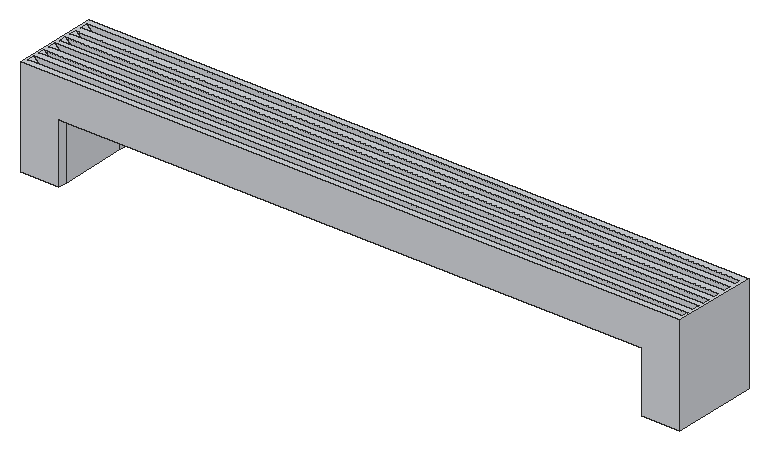
Revit family "SP07", category Mechanical Equipment, Revit 2017
Family settings
  Round Connector Dimension = Use Diameter
  Part Type = Normal
  OmniClass Number = 23.75.00.00
  OmniClass Title = Climate Control (HVAC)
  Work Plane-Based = No
  Always vertical = Yes
  Cut with Voids When Loaded = No
  Shared = No
  Room Calculation Point = No
Parameters
  Width = 155 mm
  Length = 1200 mm
  Leg height = 180 mm
  Height = 180 mm
Reference planes
  plane 1 "Center (Front/Back)": y = 0
  plane 2: z = 0
  plane 3 "Center (Left/Right)": x = 0
  plane 4: x = 0
  plane 5: x = -600
  plane 6: x = 600
  plane 7: x = -595
  plane 8: x = -580
  plane 9: x = 595
  plane 10: x = 580
  plane 11: x = 597
  plane 12: x = -597
  plane 13: z = 180
  plane 14: z = 165
  plane 15: z = 125
  plane 16: z = 110
  plane 17: y = -3
  plane 18: y = -155
  plane 19: y = -152
  plane 20: y = -137
  plane 21: y = -18
  plane 22: x = -530
  plane 23: x = 530
  plane 24: x = -533
  plane 25: x = 533
  plane 26 "Center": y = -77.5
Forms (mm)
  Extrusion 1, solid
    sketch origin (0, 0, 0) x (1, 0, 0) y (0, 0, 1)
      loop
        line (-600, 180) -> (-600, 110) -> (-595, 110) -> (-580, 125) -> (-580, 165) -> (-595, 180) -> (-600, 180)
      loop
        line (600, 180) -> (595, 180) -> (580, 165) -> (580, 125) -> (595, 110) -> (600, 110) -> (600, 180)
    from 0 to 155
  Extrusion 2, solid
    sketch origin (0, 0, 0) x (1, 0, 0) y (0, 1, 0)
      loop
        line (530, -18) -> (533, -18) -> (533, -3) -> (597, -3) -> (597, -152) -> (533, -152) -> (533, -137) -> (530, -137) -> (530, -155) -> (600, -155) -> (600, 0) -> (530, 0) -> (530, -18)
      loop
        line (-530, -18) -> (-530, 0) -> (-600, 0) -> (-600, -155) -> (-530, -155) -> (-530, -137) -> (-533, -137) -> (-533, -152) -> (-597, -152) -> (-597, -3) -> (-533, -3) -> (-533, -18) -> (-530, -18)
    from 0 to 110
  Extrusion 3, solid
    sketch origin (0, 0, 0) x (1, 0, 0) y (0, 1, 0)
      loop
        line (-595, 0) -> (-595, -11) -> (595, -11) -> (595, 0) -> (-595, 0)
    from 110 to 180
  Extrusion 4, solid
    sketch origin (0, -24, 0) x (1, 0, 0) y (0, 1, 0)
      loop
        line (-595, 0) -> (-595, -11) -> (595, -11) -> (595, 0) -> (-595, 0)
    from 110 to 180
  Extrusion 5, solid
    sketch origin (0, -48, 0) x (1, 0, 0) y (0, 1, 0)
      loop
        line (-595, 0) -> (-595, -11) -> (595, -11) -> (595, 0) -> (-595, 0)
    from 110 to 180
  Extrusion 6, solid
    sketch origin (0, -72, 0) x (1, 0, 0) y (0, 1, 0)
      loop
        line (-595, 0) -> (-595, -11) -> (595, -11) -> (595, 0) -> (-595, 0)
    from 110 to 180
  Extrusion 7, solid
    sketch origin (0, -96, 0) x (1, 0, 0) y (0, 1, 0)
      loop
        line (-595, 0) -> (-595, -11) -> (595, -11) -> (595, 0) -> (-595, 0)
    from 110 to 180
  Extrusion 8, solid
    sketch origin (0, -120, 0) x (1, 0, 0) y (0, 1, 0)
      loop
        line (-595, 0) -> (-595, -11) -> (595, -11) -> (595, 0) -> (-595, 0)
    from 110 to 180
  Extrusion 9, solid
    sketch origin (0, -144, 0) x (1, 0, 0) y (0, 1, 0)
      loop
        line (-595, 0) -> (-595, -11) -> (595, -11) -> (595, 0) -> (-595, 0)
    from 110 to 180
  Extrusion 10, solid
    sketch origin (0, 0, 0) x (1, 0, 0) y (0, 1, 0)
      loop
        circle (-553, -53.5) r 10.5
      loop
        circle (-553, -101.5) r 10.5
      loop
        circle (553, -53.5) r 10.5
      loop
        circle (553, -101.5) r 10.5
    from 95 to 110
  Extrusion 11, solid
    sketch origin (0, 0, 0) x (1, 0, 0) y (0, 1, 0)
      loop
        line (-533, -18) -> (-533, -137) -> (-530, -137) -> (-530, -18) -> (-533, -18)
      loop
        line (533, -18) -> (530, -18) -> (530, -137) -> (533, -137) -> (533, -18)
    from 0 to 110
Cuts and joins
  joined: Extrusion 1, Extrusion 2, Extrusion 3, Extrusion 4, Extrusion 5, Extrusion 6, Extrusion 7, Extrusion 8, Extrusion 9
Dimensions and locks
  equal spacing: plane 5, plane 4, plane 6
  "Length": plane 5 to plane 6
  locked: plane 7 to plane 8 at 15
  locked: plane 5 to plane 7 at 5
  locked: plane 9 to plane 10 at 15
  locked: plane 6 to plane 9 at 5
  locked: plane 11 to plane 6 at 3
  locked: plane 5 to plane 12 at 3
  "Height": plane 13 to level
  locked: plane 13 to plane 14 at 15
  locked: plane 13 to plane 16 at 70
  locked: plane 15 to plane 16 at 15
  "Width": plane 18 to plane 1 "Center (Front/Back)"
  locked: plane 23 to plane 6 at 70
  locked: plane 17 to plane 1 "Center (Front/Back)" at 3
  locked: plane 19 to plane 18 at 3
  locked: plane 21 to plane 1 "Center (Front/Back)" at 18
  locked: plane 20 to plane 18 at 18
  locked: plane 24 to plane 22 at 3
  locked: plane 23 to plane 25 at 3
  Extrusion 3 sketch curve to Extrusion 3 sketch curve = 11 mm
  Extrusion 4 sketch curve to Extrusion 4 sketch curve = 11 mm
  Extrusion 5 sketch curve to Extrusion 5 sketch curve = 11 mm
  Extrusion 6 sketch curve to Extrusion 6 sketch curve = 11 mm
  Extrusion 7 sketch curve to Extrusion 7 sketch curve = 11 mm
  Extrusion 8 sketch curve to Extrusion 8 sketch curve = 11 mm
  Extrusion 9 sketch curve to Extrusion 9 sketch curve = 11 mm
  locked: plane 5 to plane 22 at 70
  equal spacing: plane 18, plane 26 "Center", plane 1 "Center (Front/Back)"
  Extrusion 10 sketch curve to plane 1 "Center (Front/Back)" = 53.5 mm
  Extrusion 10 sketch curve to plane 18 = 53.5 mm
  locked: plane 5 to Extrusion 10 sketch curve at 47  (x2)
  locked: Extrusion 10 sketch curve to plane 1 "Center (Front/Back)" at 53.5
  locked: Extrusion 10 sketch curve to plane 18 at 53.5
  locked: Extrusion 10 sketch curve to plane 6 at 47  (x2)
  locked: plane 16 to Extrusion 10 at 15
  locked: Extrusion 3 to Extrusion 3 at 11
  locked: Extrusion 4 to Extrusion 3 at 13
  plane 21 to Extrusion 4 to Extrusion 4 = 6 mm locked, 11 mm locked
  locked: Extrusion 5 to Extrusion 4 at 13
  locked: Extrusion 5 to Extrusion 5 at 11
  locked: Extrusion 6 to Extrusion 5 at 13
  locked: Extrusion 6 to Extrusion 6 at 11
  locked: Extrusion 7 to Extrusion 6 at 13
  locked: Extrusion 7 to Extrusion 7 at 11
  locked: Extrusion 8 to Extrusion 7 at 13
  locked: Extrusion 8 to Extrusion 8 at 11
  locked: Extrusion 9 to Extrusion 8 at 13
  locked: Extrusion 9 to Extrusion 9 at 11
  aligned and locked: level to plane 2
  aligned and locked: plane 5 to Extrusion 1 sketch curve
  aligned and locked: Extrusion 1 sketch curve to plane 8
  aligned and locked: plane 16 to Extrusion 1 sketch curve
  aligned and locked: Extrusion 1 sketch curve to plane 13
  aligned and locked: Extrusion 1 sketch curve to plane 6
  aligned and locked: plane 13 to Extrusion 1 sketch curve
  aligned and locked: plane 10 to Extrusion 1 sketch curve
  aligned and locked: Extrusion 1 sketch curve to plane 16
  aligned and locked: plane 17 to Extrusion 2 sketch curve
  aligned and locked: Extrusion 2 sketch curve to plane 25  (x2)
  aligned and locked: plane 21 to Extrusion 2 sketch curve
  aligned and locked: plane 23 to Extrusion 2 sketch curve  (x2)
  aligned and locked: plane 1 "Center (Front/Back)" to Extrusion 2 sketch curve
  aligned and locked: plane 11 to Extrusion 2 sketch curve
  aligned and locked: plane 6 to Extrusion 2 sketch curve
  aligned and locked: Extrusion 2 sketch curve to plane 19
  aligned and locked: Extrusion 2 sketch curve to plane 20
  aligned and locked: plane 18 to Extrusion 2 sketch curve
  aligned and locked: plane 22 to Extrusion 2 sketch curve  (x2)
  aligned and locked: Extrusion 2 sketch curve to plane 24  (x2)
  aligned and locked: Extrusion 2 sketch curve to plane 21
  aligned and locked: Extrusion 2 sketch curve to plane 1 "Center (Front/Back)"
  aligned and locked: Extrusion 2 sketch curve to plane 17
  aligned and locked: plane 20 to Extrusion 2 sketch curve
  aligned and locked: Extrusion 2 sketch curve to plane 18
  aligned and locked: plane 19 to Extrusion 2 sketch curve
  aligned and locked: Extrusion 2 sketch curve to plane 12
  aligned and locked: Extrusion 2 sketch curve to plane 5
  aligned and locked: plane 16 to Extrusion 2
  aligned and locked: plane 13 to Extrusion 3
  aligned and locked: Extrusion 3 to plane 16
  aligned and locked: Extrusion 9 to plane 9
  aligned and locked: Extrusion 8 to plane 9
  aligned and locked: Extrusion 7 to plane 9
  aligned and locked: Extrusion 6 to plane 9
  aligned and locked: Extrusion 5 to plane 9
  aligned and locked: Extrusion 4 to plane 9
  aligned and locked: Extrusion 3 to plane 9
  aligned and locked: plane 16 to Extrusion 10
  aligned and locked: plane 13 to Extrusion 9
  aligned and locked: plane 13 to Extrusion 8
  aligned and locked: plane 13 to Extrusion 7
  aligned and locked: plane 13 to Extrusion 6
  aligned and locked: plane 13 to Extrusion 5
  aligned and locked: plane 13 to Extrusion 4
  aligned and locked: Extrusion 9 to plane 16
  aligned and locked: Extrusion 8 to plane 16
  aligned and locked: Extrusion 7 to plane 16
  aligned and locked: Extrusion 6 to plane 16
  aligned and locked: Extrusion 5 to plane 16
  aligned and locked: Extrusion 4 to plane 16
  aligned and locked: Extrusion 1 to plane 18
  aligned and locked: Extrusion 11 sketch curve to plane 21
  aligned and locked: plane 24 to Extrusion 11 sketch curve
  aligned and locked: Extrusion 11 sketch curve to plane 22
  aligned and locked: plane 20 to Extrusion 11 sketch curve
  aligned and locked: plane 21 to Extrusion 11 sketch curve
  aligned and locked: Extrusion 2 to Extrusion 11 sketch curve
  aligned and locked: plane 25 to Extrusion 11 sketch curve
  aligned and locked: Extrusion 11 sketch curve to plane 20
  aligned and locked: plane 16 to Extrusion 11
Automatic sketch dimensions
  Extrusion 1 sketch curve to plane 7 = 0 mm  (x2)
  plane 9 to Extrusion 1 sketch curve = 0 mm  (x2)
  Extrusion 1 sketch curve to plane 15 = 0 mm  (x2)
  Extrusion 1 sketch curve to plane 14 = 0 mm  (x2)
  Extrusion 3 sketch curve to Extrusion 3 sketch curve = 1190 mm
  Extrusion 4 sketch curve to Extrusion 4 sketch curve = 1190 mm
  Extrusion 5 sketch curve to Extrusion 5 sketch curve = 1190 mm
  Extrusion 6 sketch curve to Extrusion 6 sketch curve = 1190 mm
  Extrusion 7 sketch curve to Extrusion 7 sketch curve = 1190 mm
  Extrusion 8 sketch curve to Extrusion 8 sketch curve = 1190 mm
  Extrusion 9 sketch curve to Extrusion 9 sketch curve = 1190 mm
  plane 1 "Center (Front/Back)" to Extrusion 3 sketch curve = 0 mm
  Extrusion 3 sketch curve to plane 7 = 0 mm
  Extrusion 4 sketch curve to plane 7 = 0 mm
  Extrusion 4 sketch curve to plane 21 = 17 mm
  Extrusion 5 sketch curve to plane 7 = 0 mm
  Extrusion 5 sketch curve to plane 21 = 41 mm
  Extrusion 6 sketch curve to plane 7 = 0 mm
  Extrusion 6 sketch curve to plane 21 = 65 mm
  Extrusion 7 sketch curve to plane 7 = 0 mm
  Extrusion 7 sketch curve to plane 21 = 89 mm
  Extrusion 8 sketch curve to plane 7 = 0 mm
  Extrusion 8 sketch curve to plane 21 = 113 mm
  Extrusion 9 sketch curve to plane 7 = 0 mm
  Extrusion 9 sketch curve to plane 21 = 137 mm
  radius of Extrusion 10 sketch curve = 10.5 mm  (x4)
